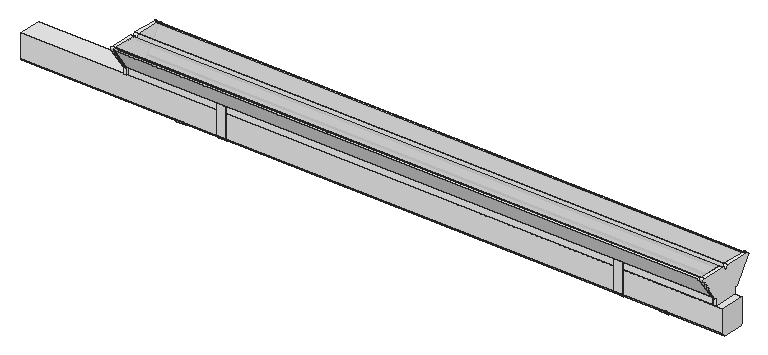
Revit family "0042292 Lighting Fixture_Sylvania_HSX Syl-Line_Surface Mounted", category Lighting Fixtures, host Face, Revit 2017
Family settings
  Host = Face
  Round Connector Dimension = Use Diameter
  Part Type = Normal
  OmniClass Number = 23.80.70.11.17
  OmniClass Title = Specialized Lighting by Location or Use
  Cut with Voids When Loaded = No
  Light Source = Yes
  Shared = No
  Room Calculation Point = No
Parameters (values of type "HSXSYL LED NW EB 1720 WB")
  Width = 164.0 mm
  Weight = 5.60 kg
  Wattage = 71.6129 W
  built-in parameter 1150110 = 1 (stored number, unit not read)
  Voltage Comments = "UNV (Universal Voltage; 220-240 Volt)"  # constant formula
  Voltage = 230 V  # constant formula
  URL = "http://www.sylvania-lighting.com"
  Trucking Material = Steel_Sylvania_HSX Syl-Line_White
  built-in parameter 1114217 = 1 (stored number, unit not read)
  Tilt Angle = -90.00°
  built-in parameter 1150109 = 1 (stored number, unit not read)
  built-in parameter 1150134 = 12
  Ta Rating = "-10°C to +25°C"  # constant formula
  T Class Min = -10 °C
  T Class Max = 25 °C
  built-in parameter 1150113 = 1 (stored number, unit not read)
  Product Page URL = "http://www.sylvania-lighting.com/product/en-int/products/0042292"
  Product Family = "HSX SYL-LINE"  # constant formula
  Photometry Comments = ""
  Photometric Web File = "0042292_HSXSYLLEDNWEB1720WB-192655.ies"
  Mounting Material = Steel_Sylvania_HSX Syl-Line_White
  Line End Right = 20.0 mm
  Line End Left = 300.0 mm
  Life = "50 000h"  # constant formula
  Length = 1720.0 mm
  LOR = "100%"
  Inrush Current (max. quantity per 16A C breaker) = "10"
  IP Rating = "IP20"  # constant formula
  IK Rating = "IK02"  # constant formula
  Height = 167.5 mm
  Glow Wire Test = 650 °C  # constant formula
  Emit from Line Length = Length - 20.0 mm  # 1700.0 mm
  Electrical Protection = "CLASS I"  # constant formula
  Drive Current = "350mA"
  built-in parameter 1114216 [instance] = 1 (stored number, unit not read)
  Cap Material = Plastic_Sylvania_HSX Syl-Line_White
  Model = "HSXSYL LED NW EB 1720 WB"
  Manufacturer = "Feilo Sylvania"
  built-in parameter 1150105 = 529.99 (stored number, unit not read)
  Lumens = 6660 lm
  built-in parameter 1150115 = 1 (stored number, unit not read)
  built-in parameter 1150137 = (empty or 0)
  built-in parameter 1150139 = (empty or 0)
  built-in parameter 1150112 = 1 (stored number, unit not read)
  built-in parameter 1150114 = 1 (stored number, unit not read)
  Lamp = "Integrated LED"
  built-in parameter 1150132 = 2
  built-in parameter 1150102 = (empty or 0)
  built-in parameter 1150107 = 4000 (stored number, unit not read)
  built-in parameter 1150138 = (empty or 0)
  built-in parameter 1150106 = 5.2999 (stored number, unit not read)
  CRI (Ra) = ">80"
  Bracket Width = Width - 93.4 mm  # 70.6 mm
  Bracket Height = Height - 73.5 mm  # 94.0 mm
  Body Material = Plastic_Sylvania_HSX Syl-Line_White
  built-in parameter 1150104 = 8.64 (stored number, unit not read)
  Dimming Lamp Color Temperature Shift = <None>
  Diffuser Material = Polycarbonate_Sylvania_HSX Syl-Line_4000K
  Description = "72W and 75W LED surface and suspended luminaires HSX Syl-Line is perfect for retail, industry, manufacturing, airports or data centres Extended offering of alternative optics for Syl-Line trunking Available with a white sheet steel reflector and a PMMA Diffuser Available in 1,720mm (same length as standard Syl-Line gear trays and trunking) High performance: delivers 6,660lm (luminaire lumen output on 72W version), equating to 93lm/W (total system efficiency) Available in neutral white (4,000K) Integrated LED solution that has the same aesthetics as the fluorescent version (non dotting) Energy efficient electronic gear including Analogue 1-10V dimmable, DALI dimmable and 3 hour emergency versions as standard Ease of installation through the plug connector Innovative clip design allows quick and simple installation of the electrical unit (average installation time of the gear tray at just over a minute) Energy class: A++, A+, A Long lifetime: 50,000 hours life at 70% of the original output L70"  # constant formula
  Default Elevation = 0.0 mm
  Color Filter = 16777215
  Catalog Number = "0042292 HSXSYL LED NW EB 1720 WB"
  built-in parameter 1140040 [instance] = 1
  built-in parameter 1114218 = 1 (stored number, unit not read)
  built-in parameter 1150133 = 10 (stored number, unit not read)
  Assembly Code = "D5020200"
  Apparent Load = 72 VA
Reference planes
  plane 1 "Center (Front/Back)": y = 0
  plane 2 "Trucking Top": z = 6
  plane 3 "Center (Left/Right)": x = 0
  plane 4 "Fixture Bottom": z = 167.5
  plane 5: y = 34.283
  plane 6: y = -34.283
  plane 7 "Fixture Left": x = -860
  plane 8 "Fixture Right": x = 860
  plane 9: x = 850
  plane 10: x = -850
  plane 11: y = -82
  plane 12: y = 82
  plane 13: z = 155
  plane 14: z = 99
  plane 15 "Trucking Bottom": z = 78.5
  plane 16: y = 38.283
  plane 17: y = -38.283
  plane 18: z = 160.539
  plane 19: y = 7.5
  plane 20: y = -7.5
  plane 21: x = -1160
  plane 22: x = 880
  plane 23: x = 588
  plane 24: x = -588
  plane 25: x = 713
  plane 26: x = -713
  plane 27 "Fixture Top": z = 0
Forms (mm)
  Extrusion 1, solid, material "Plastic_Sylvania_HSX Syl-Line_White" <- "Cap Material", detail levels fine
    sketch origin (0, 0, 0) x (0, 1, 0) y (0, 0, 1)
      loop
        line (38.283, 99) -> (81.006, 161.276)
        arc (81.006, 161.276) -> (81.229, 165.38) -> (77.707, 167.5) r 3.986
        line (77.707, 167.5) -> (7.5, 167.5) -> (0, 155) -> (-7.5, 167.5) -> (-77.707, 167.5)
        arc (-77.707, 167.5) -> (-81.229, 165.38) -> (-81.006, 161.276) r 3.986
        line (-81.006, 161.276) -> (-38.283, 99) -> (-34.283, 99) -> (-34.283, 78.5) -> (34.283, 78.5) -> (34.283, 99) -> (38.283, 99)
    from 850 to 860
  Extrusion 2, solid, material "Plastic_Sylvania_HSX Syl-Line_White" <- "Cap Material", detail levels fine
    sketch origin (0, 0, 0) x (0, 1, 0) y (0, 0, 1)
      loop
        line (38.283, 99) -> (81.006, 161.276)
        arc (81.006, 161.276) -> (81.229, 165.38) -> (77.707, 167.5) r 3.986
        line (77.707, 167.5) -> (7.5, 167.5) -> (0, 155) -> (-7.5, 167.5) -> (-77.707, 167.5)
        arc (-77.707, 167.5) -> (-81.229, 165.38) -> (-81.006, 161.276) r 3.986
        line (-81.006, 161.276) -> (-38.283, 99) -> (-34.283, 99) -> (-34.283, 78.5) -> (34.283, 78.5) -> (34.283, 99) -> (38.283, 99)
    from -860 to -850
  Extrusion 3, solid, material "Plastic_Sylvania_HSX Syl-Line_White" <- "Body Material", detail levels coarse+medium
    sketch origin (0, 0, 0) x (0, 1, 0) y (0, 0, 1)
      loop
        line (38.283, 99) -> (81.006, 161.276)
        arc (81.006, 161.276) -> (81.229, 165.38) -> (77.707, 167.5) r 3.986
        line (77.707, 167.5) -> (7.5, 167.5) -> (0, 155) -> (-7.5, 167.5) -> (-77.707, 167.5)
        arc (-77.707, 167.5) -> (-81.229, 165.38) -> (-81.006, 161.276) r 3.986
        line (-81.006, 161.276) -> (-38.283, 99) -> (-34.283, 99) -> (-34.283, 78.5) -> (34.283, 78.5) -> (34.283, 99) -> (38.283, 99)
    from -860 to 850
  Extrusion 4, solid, material "Plastic_Sylvania_HSX Syl-Line_White" <- "Body Material", detail levels fine
    sketch origin (0, 0, 0) x (0, 1, 0) y (0, 0, 1)
      loop
        line (37.757, 100) -> (80.18, 161.839)
        arc (80.18, 161.839) -> (80.345, 164.913) -> (77.707, 166.5) r 2.986
        line (77.707, 166.5) -> (74, 166.5) -> (74, 165.5) -> (77.707, 165.5)
        arc (77.707, 165.5) -> (79.461, 164.446) -> (79.353, 162.402) r 1.986
        line (79.353, 162.402) -> (37.23, 101) -> (32.283, 101) -> (32.283, 79.5) -> (-32.283, 79.5) -> (-32.283, 101) -> (-37.23, 101) -> (-79.353, 162.402)
        arc (-79.353, 162.402) -> (-79.461, 164.446) -> (-77.707, 165.5) r 1.986
        line (-77.707, 165.5) -> (-74, 165.5) -> (-74, 166.5) -> (-77.707, 166.5)
        arc (-77.707, 166.5) -> (-80.345, 164.913) -> (-80.18, 161.839) r 2.986
        line (-80.18, 161.839) -> (-37.757, 100) -> (-33.283, 100) -> (-33.283, 78.5) -> (33.283, 78.5) -> (33.283, 100) -> (37.757, 100)
    from -850 to 850
  Extrusion 5, solid, material "Polycarbonate_Sylvania_HSX Syl-Line_4000K" <- "Diffuser Material", detail levels fine
    sketch origin (0, 0, 0) x (0, 1, 0) y (0, 0, 1)
      loop
        line (74, 166.5) -> (8.066, 166.5) -> (0, 153.056) -> (-8.066, 166.5) -> (-74, 166.5) -> (-74, 165.5) -> (-8.632, 165.5) -> (0, 151.113) -> (8.632, 165.5) -> (74, 165.5) -> (74, 166.5)
    from -850 to 850
  Extrusion 6, solid, material "Steel_Sylvania_HSX Syl-Line_White" <- "Trucking Material"
    sketch origin (0, 0, 0) x (0, 1, 0) y (0, 0, 1)
      loop
        line (34.283, 12) -> (34.283, 78.5) -> (-34.283, 78.5) -> (-34.283, 12) -> (-28.283, 6) -> (28.283, 6) -> (34.283, 12)
    from -1160 to 880
Dimensions and locks
  equal spacing: plane 7 "Fixture Left", plane 3 "Center (Left/Right)", plane 8 "Fixture Right"
  "Length": plane 7 "Fixture Left" to plane 8 "Fixture Right"
  locked: plane 7 "Fixture Left" to plane 10 at 10
  locked: plane 9 to plane 8 "Fixture Right" at 10
  equal spacing: plane 12, plane 1 "Center (Front/Back)", plane 11
  "Width": plane 12 to plane 11
  "Height": host face to plane 4 "Fixture Bottom"
  locked: level to plane 2 "Trucking Top" at 6
  plane 15 "Trucking Bottom" to plane 14 to plane 13 to plane 18 to plane 4 "Fixture Bottom" = 20.5 mm locked, 56.0 mm locked, 5.539 mm locked, 6.961 mm locked
  plane 12 to plane 16 to plane 5 to plane 19 = 43.717 mm locked, 4.0 mm locked, 26.783 mm locked
  plane 11 to plane 17 to plane 6 to plane 20 = 43.717 mm locked, 4.0 mm locked, 26.783 mm locked
  locked: Extrusion 5 sketch curve to plane 11 at 8
  locked: plane 12 to Extrusion 5 sketch curve at 8
  locked: Extrusion 4 sketch curve to plane 11 at 8
  locked: plane 12 to Extrusion 4 sketch curve at 8
  locked: Extrusion 6 sketch curve to plane 2 "Trucking Top" at 6  (x2)
  locked: Extrusion 6 sketch curve to plane 6 at 6
  locked: plane 5 to Extrusion 6 sketch curve at 6
  "Line End Left": plane 21 to plane 7 "Fixture Left"
  "Line End Right": plane 8 "Fixture Right" to plane 22
  plane 23 to plane 25 to plane 9 = 125.0 mm locked, 137.0 mm locked
  plane 10 to plane 26 to plane 24 = 137.0 mm locked, 125.0 mm locked
  aligned and locked: level to host face
  aligned and locked: imposter light to plane 1 "Center (Front/Back)"
  aligned and locked: plane 3 "Center (Left/Right)" to imposter light
  aligned and locked: imposter light to plane 4 "Fixture Bottom"
  aligned and locked: plane 14 to Extrusion 1 sketch curve
  aligned and locked: plane 16 to Extrusion 1 sketch curve
  aligned and locked: plane 15 "Trucking Bottom" to Extrusion 1 sketch curve
  aligned and locked: plane 5 to Extrusion 1 sketch curve
  aligned and locked: plane 6 to Extrusion 1 sketch curve
  aligned and locked: Extrusion 1 sketch curve to plane 14
  aligned and locked: plane 1 "Center (Front/Back)" to Extrusion 1 sketch curve
  aligned and locked: plane 13 to Extrusion 1 sketch curve
  aligned and locked: plane 4 "Fixture Bottom" to Extrusion 1 sketch curve  (x2)
  aligned and locked: plane 19 to Extrusion 1 sketch curve
  aligned and locked: plane 20 to Extrusion 1 sketch curve
  aligned and locked: Extrusion 1 to plane 8 "Fixture Right"
  aligned and locked: plane 9 to Extrusion 1
  aligned and locked: Extrusion 2 to plane 7 "Fixture Left"
  aligned and locked: plane 10 to Extrusion 2
  aligned and locked: Extrusion 3 to plane 7 "Fixture Left"
  aligned and locked: plane 15 "Trucking Bottom" to Extrusion 4 sketch curve
  aligned and locked: Extrusion 4 to plane 9
  aligned and locked: Extrusion 4 to plane 10
  aligned and locked: plane 5 to Extrusion 6 sketch curve
  aligned and locked: plane 6 to Extrusion 6 sketch curve
  aligned and locked: plane 2 "Trucking Top" to Extrusion 6 sketch curve
  aligned and locked: plane 15 "Trucking Bottom" to Extrusion 6 sketch curve
  aligned and locked: Extrusion 6 to plane 21
  aligned and locked: Extrusion 6 to plane 22
  aligned and locked: plane 1 "Center (Front/Back)" to nested 1
  aligned and locked: nested 1 to plane 14
  aligned and locked: plane 23 to nested 1
  aligned and locked: Extrusion 3 to plane 9
  aligned and locked: Extrusion 5 to plane 9
  aligned and locked: Extrusion 5 to plane 10
  aligned and locked: plane 24 to nested 2
  aligned and locked: nested 1 to plane 23
  aligned and locked: nested 3 to level
  aligned and locked: plane 2 "Trucking Top" to nested 2
  aligned and locked: plane 25 to nested 3
  aligned and locked: plane 26 to nested 4
Automatic sketch dimensions
  host sketch curve to host sketch curve = 2549.992 mm
  host sketch curve to host sketch curve = 1283.632 mm
  Extrusion 1 sketch curve to plane 17 = 0.0 mm
  Extrusion 1 sketch curve to plane 18 = 0.737 mm  (x2)
  Extrusion 1 sketch curve to plane 11 = 4.293 mm
  Extrusion 1 sketch curve to plane 11 = 0.994 mm
  Extrusion 1 sketch curve to plane 12 = 4.293 mm
  Extrusion 1 sketch curve to plane 12 = 0.994 mm
  plane 4 "Fixture Bottom" to Extrusion 2 sketch curve = 0.0 mm  (x2)
  plane 14 to Extrusion 2 sketch curve = 0.0 mm  (x2)
  Extrusion 2 sketch curve to plane 17 = 0.0 mm
  Extrusion 2 sketch curve to plane 6 = 0.0 mm
  Extrusion 2 sketch curve to plane 20 = 0.0 mm
  Extrusion 2 sketch curve to plane 1 "Center (Front/Back)" = 0.0 mm
  Extrusion 2 sketch curve to plane 19 = 0.0 mm
  Extrusion 2 sketch curve to plane 5 = 0.0 mm
  Extrusion 2 sketch curve to plane 16 = 0.0 mm
  plane 15 "Trucking Bottom" to Extrusion 2 sketch curve = 0.0 mm
  Extrusion 2 sketch curve to plane 13 = 0.0 mm
  Extrusion 2 sketch curve to plane 11 = 4.293 mm
  Extrusion 2 sketch curve to plane 18 = 0.737 mm  (x2)
  Extrusion 2 sketch curve to plane 11 = 0.994 mm
  Extrusion 2 sketch curve to plane 12 = 4.293 mm
  Extrusion 2 sketch curve to plane 12 = 0.994 mm
  plane 4 "Fixture Bottom" to Extrusion 3 sketch curve = 0.0 mm  (x2)
  plane 14 to Extrusion 3 sketch curve = 0.0 mm  (x2)
  Extrusion 3 sketch curve to plane 17 = 0.0 mm
  Extrusion 3 sketch curve to plane 6 = 0.0 mm
  Extrusion 3 sketch curve to plane 20 = 0.0 mm
  Extrusion 3 sketch curve to plane 1 "Center (Front/Back)" = 0.0 mm
  Extrusion 3 sketch curve to plane 19 = 0.0 mm
  Extrusion 3 sketch curve to plane 5 = 0.0 mm
  Extrusion 3 sketch curve to plane 16 = 0.0 mm
  plane 15 "Trucking Bottom" to Extrusion 3 sketch curve = 0.0 mm
  Extrusion 3 sketch curve to plane 13 = 0.0 mm
  Extrusion 3 sketch curve to plane 11 = 4.293 mm
  Extrusion 3 sketch curve to plane 18 = 0.737 mm  (x2)
  Extrusion 3 sketch curve to plane 11 = 0.994 mm
  Extrusion 3 sketch curve to plane 12 = 4.293 mm
  Extrusion 3 sketch curve to plane 12 = 0.994 mm
  Extrusion 4 sketch curve to plane 14 = 1.0 mm  (x2)
  Extrusion 4 sketch curve to plane 16 = 0.527 mm
  plane 4 "Fixture Bottom" to Extrusion 4 sketch curve = 1.0 mm  (x2)
  Extrusion 4 sketch curve to plane 17 = 0.527 mm
  plane 6 to Extrusion 4 sketch curve = 1.0 mm
  Extrusion 4 sketch curve to plane 5 = 1.0 mm
  Extrusion 4 sketch curve to plane 11 = 1.82 mm
  Extrusion 4 sketch curve to plane 18 = 1.301 mm  (x2)
  Extrusion 4 sketch curve to plane 12 = 1.82 mm
  Extrusion 4 sketch curve to Extrusion 4 sketch curve = 0.527 mm  (x2)
  Extrusion 4 sketch curve to Extrusion 4 sketch curve = 0.826 mm  (x2)
  Extrusion 4 sketch curve to Extrusion 4 sketch curve = 0.563 mm  (x2)
  Extrusion 4 sketch curve to Extrusion 4 sketch curve = 0.0 mm  (x4)
  Extrusion 4 sketch curve to Extrusion 4 sketch curve = 1.0 mm  (x4)
  Extrusion 4 sketch curve to plane 15 "Trucking Bottom" = 1.0 mm
  Extrusion 5 sketch curve to plane 1 "Center (Front/Back)" = 0.0 mm  (x2)
  plane 20 to Extrusion 5 sketch curve = 0.566 mm
  plane 20 to Extrusion 5 sketch curve = 1.132 mm
  plane 19 to Extrusion 5 sketch curve = 0.566 mm
  plane 19 to Extrusion 5 sketch curve = 1.132 mm
  plane 4 "Fixture Bottom" to Extrusion 5 sketch curve = 2.0 mm  (x2)
  Extrusion 5 sketch curve to plane 13 = 3.887 mm
  Extrusion 5 sketch curve to Extrusion 5 sketch curve = 1.944 mm
  plane 4 "Fixture Bottom" to Extrusion 5 sketch curve = 1.0 mm  (x2)
  plane 4 "Fixture Bottom" to Extrusion 4 sketch curve = 2.0 mm  (x2)
Nested families
  nested 1: "Mounting Bracket" at (563, 0, 99) x (0, -1, 0) z (0, 0, -1), type "Mounting Bracket", detail levels fine
  nested 2: "Mounting Bracket" at (-588, 0, 99) x (0, -1, 0) z (0, 0, -1), type "Mounting Bracket", detail levels fine
  nested 3: "Top Mounting Bracket" at (713, 0, 13) x (0, 1, 0) z (0, 0, -1), type "Top Mounting Bracket", detail levels fine
  nested 4: "Top Mounting Bracket" at (-688, 0, 13) x (0, 1, 0) z (0, 0, -1), type "Top Mounting Bracket", detail levels fine
Connectors
  electrical at (-1160, 0, 32.167), driven by "Voltage", driven by "Apparent Load"
    settings: on Extrusion 6, index 1, voltage 230 V, apparent load 0 VA, apparent load phase1 72 VA, apparent load phase2 0 VA, apparent load phase3 0 VA, power factor 1, load classification "Lighting", number of poles 1, system type 31, power factor state 1, is connector primary yes, connector utility no, sub classification motor no, connector description ""
Definition of nested family "Mounting Bracket"
  Parameters
    Mounting Material = none
    Length = 25.0 mm
    Height = 94.0 mm
    Width = 70.6 mm
    Default Elevation = 0.0 mm
  Reference planes
    plane 1 "Center (Front/Back)": y = 0
    plane 2: z = 0
    plane 3 "Center (Left/Right)": x = 0
    plane 4: x = -35.3
    plane 5: x = 35.3
    plane 6: y = -25
    plane 7: y = -12.5
    plane 8: z = 94
  Forms (mm)
    Extrusion 1, solid, material <- "Mounting Material"
      sketch origin (0, 0, 0) x (1, 0, 0) y (0, 0, 1)
        loop
          line (35.3, 87.5) -> (28.8, 94) -> (20.3, 94) -> (20.3, 93) -> (28.386, 93) -> (34.3, 87.086) -> (34.3, 0) -> (35.3, 0) -> (35.3, 87.5)
        loop
          line (-35.3, 87.5) -> (-35.3, 0) -> (-34.3, 0) -> (-34.3, 87.086) -> (-28.386, 93) -> (-20.3, 93) -> (-20.3, 94) -> (-28.8, 94) -> (-35.3, 87.5)
      from 0 to 25
  Dimensions and locks
    equal spacing: plane 5, plane 3 "Center (Left/Right)", plane 4
    "Width": plane 5 to plane 4
    "Length": plane 6 to plane 1 "Center (Front/Back)"
    equal spacing: plane 6, plane 7, plane 1 "Center (Front/Back)"
    "Height": plane 8 to plane 2
    locked: plane 8 to Extrusion 1 sketch curve at 1
    locked: plane 8 to Extrusion 1 sketch curve at 6.5  (x2)
    locked: Extrusion 1 sketch curve to plane 4 at 6.5
    locked: plane 5 to Extrusion 1 sketch curve at 6.5
    locked: Extrusion 1 sketch curve to plane 4 at 1
    locked: plane 5 to Extrusion 1 sketch curve at 1
    locked: Extrusion 1 sketch curve to plane 4 at 15
    locked: plane 5 to Extrusion 1 sketch curve at 15
    aligned and locked: level to plane 2
    aligned and locked: Extrusion 1 to plane 6
    aligned and locked: Extrusion 1 sketch curve to plane 8
    aligned and locked: Extrusion 1 sketch curve to plane 4
    aligned and locked: Extrusion 1 sketch curve to plane 5
  Automatic sketch dimensions
    Extrusion 1 sketch curve to level = 0.0 mm  (x2)
    plane 4 to Extrusion 1 sketch curve = 6.914 mm
    Extrusion 1 sketch curve to Extrusion 1 sketch curve = 0.414 mm  (x3)
    plane 8 to Extrusion 1 sketch curve = 0.0 mm
    Extrusion 1 sketch curve to plane 8 = 1.0 mm
Definition of nested family "Top Mounting Bracket"
  Parameters
    Mounting Material = none
    Length = 25.0 mm
    Height = 13.0 mm
    Width = 70.6 mm
    Default Elevation = 0.0 mm
  Reference planes
    plane 1 "Center (Front/Back)": y = 0
    plane 2: z = 0
    plane 3 "Center (Left/Right)": x = 0
    plane 4: x = -35.3
    plane 5: x = 35.3
    plane 6: y = -25
    plane 7: y = -12.5
    plane 8: z = 13
  Forms (mm)
    Extrusion 1, solid, material <- "Mounting Material"
      sketch origin (0, 0, 0) x (1, 0, 0) y (0, 0, 1)
        loop
          line (35.3, 1.5) -> (23.8, 13) -> (-23.8, 13) -> (-35.3, 1.5) -> (-35.3, 0) -> (-34.3, 0) -> (-34.3, 1.086) -> (-23.386, 12) -> (23.386, 12) -> (34.3, 1.086) -> (34.3, 0) -> (35.3, 0) -> (35.3, 1.5)
      from 0 to 25
  Dimensions and locks
    equal spacing: plane 5, plane 3 "Center (Left/Right)", plane 4
    "Width": plane 5 to plane 4
    "Length": plane 6 to plane 1 "Center (Front/Back)"
    equal spacing: plane 6, plane 7, plane 1 "Center (Front/Back)"
    plane 8 to Extrusion 1 sketch curve = 13.0 mm
    locked: Extrusion 1 sketch curve to plane 4 at 11.5
    locked: plane 5 to Extrusion 1 sketch curve at 11.5
    "Height": plane 8 to level
    aligned and locked: level to plane 2
    aligned and locked: Extrusion 1 to plane 6
    aligned and locked: Extrusion 1 sketch curve to plane 4
    aligned and locked: Extrusion 1 sketch curve to plane 5
    aligned and locked: Extrusion 1 sketch curve to plane 8
    aligned and locked: Extrusion 1 sketch curve to Extrusion 1 sketch curve
  Automatic sketch dimensions
    plane 4 to Extrusion 1 sketch curve = 1.0 mm
    Extrusion 1 sketch curve to Extrusion 1 sketch curve = 0.414 mm  (x4)
    Extrusion 1 sketch curve to plane 5 = 1.0 mm
    Extrusion 1 sketch curve to Extrusion 1 sketch curve = 1.086 mm
    Extrusion 1 sketch curve to plane 8 = 1.0 mm
    Extrusion 1 sketch curve to plane 8 = 11.914 mm
